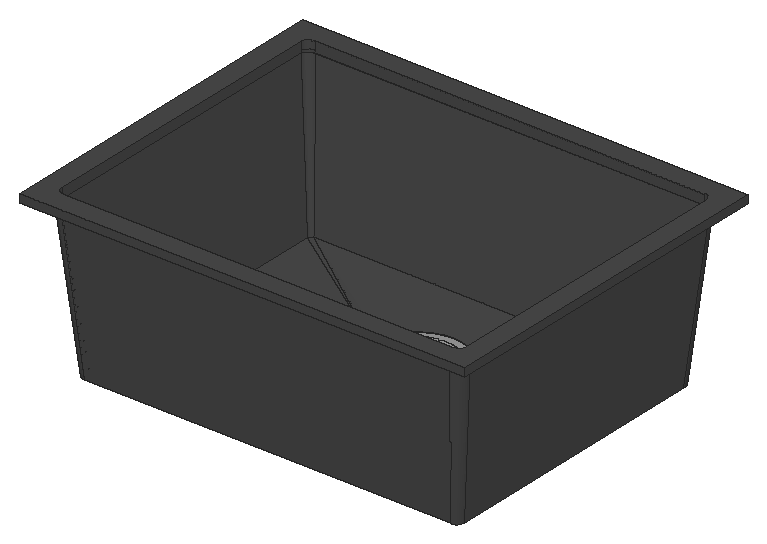
Revit family "BUILDMAT-SGQSSB04-Donald-Granite-Sink-Black", category Plumbing Fixtures, host Face, Revit 2026
Family settings
  Host = Face
  Round Connector Dimension = Use Diameter
  Part Type = Normal
  Enable Cutting in Views = Yes
  Cut with Voids When Loaded = No
  Maintain Annotation Orientation = No
  Shared = No
  Room Calculation Point = No
Parameters
  Width = 445 mm
  Sink_Material = BUILDMAT Matte Black Granite
  Length = 560 mm
  Drain_Material = BUILDMAT Stainless Steel
  Depth = 225 mm
  Default Elevation = 1219.2 mm
Reference planes
  plane 1 "Center (Front/Back)": y = 0
  plane 2: z = 0
  plane 3 "Center (Left/Right)": x = 0
  plane 4: y = 222.5
  plane 5: y = -222.5
  plane 6: y = 197.5
  plane 7: y = -197.5
  plane 8: x = -280
  plane 9: x = 280
  plane 10: x = -255
  plane 11: x = 255
  plane 12: z = 10
  plane 13: z = -200
  plane 14: z = -215
  plane 15: x = -232.5
  plane 16: x = -57
  plane 17: x = 57
  plane 18: x = 45
  plane 19: x = -45
  plane 20: y = 175
  plane 21: y = -175
  plane 22: x = 232.5
  plane 23: x = -232.5
  plane 24: y = -45
  plane 25: y = -57
  plane 26: y = 109
  plane 27: y = -5
  plane 28: y = 52
  plane 29: y = 97
  plane 30: y = 7
Forms (mm)
  Extrusion 1, void
    sketch origin (0, 0, 0) x (1, 0, 0) y (0, 1, 0)
      loop
        line (-265, 207.5) -> (-265, -207.5) -> (265, -207.5) -> (265, 207.5) -> (-265, 207.5)
    from -304.8 to 86.754
  Extrusion 2, solid, material "BUILDMAT Matte Black Granite" <- "Sink_Material"
    sketch origin (0, 0, 0) x (1, 0, 0) y (0, 1, 0)
      loop
        line (-280, 222.5) -> (-280, -222.5) -> (280, -222.5) -> (280, 222.5) -> (-280, 222.5)
      loop
        arc (-245, 197.5) -> (-252.071, 194.571) -> (-255, 187.5) r 10
        line (-255, 187.5) -> (-255, -187.5)
        arc (-255, -187.5) -> (-252.071, -194.571) -> (-245, -197.5) r 10
        line (-245, -197.5) -> (245, -197.5)
        arc (245, -197.5) -> (252.071, -194.571) -> (255, -187.5) r 10
        line (255, -187.5) -> (255, 187.5)
        arc (255, 187.5) -> (252.071, 194.571) -> (245, 197.5) r 10
        line (245, 197.5) -> (-245, 197.5)
    from 0 to 10
  Extrusion 3, solid, material "BUILDMAT Matte Black Granite" <- "Sink_Material"
    sketch origin (0, 0, 0) x (1, 0, 0) y (0, 1, 0)
      loop
        line (-255, 187.5) -> (-255, -187.5)
        arc (-255, -187.5) -> (-252.071, -194.571) -> (-245, -197.5) r 10
        line (-245, -197.5) -> (245, -197.5)
        arc (245, -197.5) -> (252.071, -194.571) -> (255, -187.5) r 10
        line (255, -187.5) -> (255, 187.5)
        arc (255, 187.5) -> (252.071, 194.571) -> (245, 197.5) r 10
        line (245, 197.5) -> (-245, 197.5)
        arc (-245, 197.5) -> (-252.071, 194.571) -> (-255, 187.5) r 10
      loop
        line (-265, 207.5) -> (-265, -207.5) -> (265, -207.5) -> (265, 207.5) -> (-265, 207.5)
    from -3 to 0
  SweptBlend 4, solid, material "BUILDMAT Matte Black Granite" <- "Sink_Material"
    path origin (0, 0, 0) x (1, 0, 0) y (0, 0, 1)
      loop
        line (0, -200) -> (0, -3)
    profile origin (0, 0, -200) x (-1, 0, 0) y (0, -1, 0)
      loop
        arc (230, -182.5) -> (237.071, -179.571) -> (240, -172.5) r 10
        line (240, -172.5) -> (240, 172.5)
        arc (240, 172.5) -> (237.071, 179.571) -> (230, 182.5) r 10
        line (230, 182.5) -> (-230, 182.5)
        arc (-230, 182.5) -> (-237.071, 179.571) -> (-240, 172.5) r 10
        line (-240, 172.5) -> (-240, -172.5)
        arc (-240, -172.5) -> (-237.071, -179.571) -> (-230, -182.5) r 10
        line (-230, -182.5) -> (230, -182.5)
    end profile origin (0, 0, -3) x (-1, 0, 0) y (0, -1, 0)
      loop
        arc (260, 187.5) -> (255.607, 198.107) -> (245, 202.5) r 15
        line (245, 202.5) -> (-245, 202.5)
        arc (-245, 202.5) -> (-255.607, 198.107) -> (-260, 187.5) r 15
        line (-260, 187.5) -> (-260, -187.5)
        arc (-260, -187.5) -> (-255.607, -198.107) -> (-245, -202.5) r 15
        line (-245, -202.5) -> (245, -202.5)
        arc (245, -202.5) -> (255.607, -198.107) -> (260, -187.5) r 15
        line (260, -187.5) -> (260, 187.5)
  SweptBlend 5, solid, material "BUILDMAT Matte Black Granite" <- "Sink_Material"
    path origin (0, 0, 0) x (1, 0, 0) y (0, 0, 1)
      loop
        line (0, -210) -> (0, -200)
    profile origin (0, 0, -210) x (-1, 0, 0) y (0, -1, 0)
      loop
        circle (0, -52) r 70
    end profile origin (0, 0, -200) x (-1, 0, 0) y (0, -1, 0)
      loop
        line (240, -172.5) -> (240, 172.5)
        arc (240, 172.5) -> (237.071, 179.571) -> (230, 182.5) r 10
        line (230, 182.5) -> (-230, 182.5)
        arc (-230, 182.5) -> (-237.071, 179.571) -> (-240, 172.5) r 10
        line (-240, 172.5) -> (-240, -172.5)
        arc (-240, -172.5) -> (-237.071, -179.571) -> (-230, -182.5) r 10
        line (-230, -182.5) -> (230, -182.5)
        arc (230, -182.5) -> (237.071, -179.571) -> (240, -172.5) r 10
  Blend 6, void
    base sketch origin (0, 0, 0) x (1, 0, 0) y (0, 1, 0)
      loop
        arc (-227.5, 175) -> (-231.036, 173.536) -> (-232.5, 170) r 5
        line (-232.5, 170) -> (-232.5, -170)
        arc (-232.5, -170) -> (-231.036, -173.536) -> (-227.5, -175) r 5
        line (-227.5, -175) -> (227.5, -175)
        arc (227.5, -175) -> (231.036, -173.536) -> (232.5, -170) r 5
        line (232.5, -170) -> (232.5, 170)
        arc (232.5, 170) -> (231.036, 173.536) -> (227.5, 175) r 5
        line (227.5, 175) -> (-227.5, 175)
    top sketch origin (0, 0, 0) x (1, 0, 0) y (0, 1, 0)
      loop
        line (-255, 187.5) -> (-255, -187.5)
        arc (-255, -187.5) -> (-252.071, -194.571) -> (-245, -197.5) r 10
        line (-245, -197.5) -> (245, -197.5)
        arc (245, -197.5) -> (252.071, -194.571) -> (255, -187.5) r 10
        line (255, -187.5) -> (255, 187.5)
        arc (255, 187.5) -> (252.071, 194.571) -> (245, 197.5) r 10
        line (245, 197.5) -> (-245, 197.5)
        arc (-245, 197.5) -> (-252.071, 194.571) -> (-255, 187.5) r 10
    from -195 to -3
  Blend 7, void
    base sketch origin (0, 0, 0) x (1, 0, 0) y (0, 1, 0)
      loop
        circle (0, 52) r 57
    top sketch origin (0, 0, 0) x (1, 0, 0) y (0, 1, 0)
      loop
        arc (-227.5, 175) -> (-231.036, 173.536) -> (-232.5, 170) r 5
        line (-232.5, 170) -> (-232.5, -170)
        arc (-232.5, -170) -> (-231.036, -173.536) -> (-227.5, -175) r 5
        line (-227.5, -175) -> (227.5, -175)
        arc (227.5, -175) -> (231.036, -173.536) -> (232.5, -170) r 5
        line (232.5, -170) -> (232.5, 170)
        arc (232.5, 170) -> (231.036, 173.536) -> (227.5, 175) r 5
        line (227.5, 175) -> (-227.5, 175)
    from -200 to -195
  Revolve 8, solid, material "BUILDMAT Matte Black Granite" <- "Sink_Material"
    sketch origin (0, 52, 0) x (1, 0, 0) y (0, 0, 1)
      loop
        line (-70, -210) -> (-63, -215) -> (0, -215) -> (0, -210) -> (-70, -210)
      axis (0, -215) -> (0, -210)
    angle from 0 to 360
  Revolve 9, void
    sketch origin (0, 52, 0) x (1, 0, 0) y (0, 0, 1)
      loop
        line (0, -200) -> (-57, -200) -> (-57, -205) -> (-45, -205) -> (-45, -215) -> (0, -215) -> (0, -200)
      axis (0, -200) -> (0, -215)
    angle from 0 to 360
  Revolve 10, solid, material "BUILDMAT Stainless Steel" <- "Drain_Material"
    sketch origin (-229.098, 52, 1209.2) x (-1, 0, 0) y (0, 0, 1)
      loop
        line (-184.098, -1419.2) -> (-172.098, -1419.2) -> (-172.098, -1409.2) -> (-182.098, -1409.2)
        arc (-182.098, -1409.2) -> (-183.512, -1409.786) -> (-184.098, -1411.2) r 2
        line (-184.098, -1411.2) -> (-184.098, -1419.2)
      axis (-229.098, -1409.2) -> (-229.098, -1419.2)
    angle from 0 to 360
  Revolve 11, solid, material "BUILDMAT Stainless Steel" <- "Drain_Material"
    sketch origin (-229.098, 52, 1209.2) x (-1, 0, 0) y (0, 0, 1)
      loop
        line (-184.098, -1411.2) -> (-186.098, -1411.2)
        spline (-186.098, -1411.2) -> (-186.465, -1411.853) -> (-187.563, -1412.494) -> (-189.371, -1413.113) -> (-191.858, -1413.7) -> (-194.983, -1414.244) -> (-198.692, -1414.736) -> (-202.921, -1415.167) -> (-207.598, -1415.53) -> (-212.642, -1415.819) -> (-217.968, -1416.03) -> (-223.485, -1416.157) -> (-229.098, -1416.2)
        line (-229.098, -1416.2) -> (-229.098, -1419.2) -> (-184.098, -1419.2) -> (-184.098, -1411.2)
      axis (-229.098, -1411.2) -> (-229.098, -1419.2)
    angle from 0 to 360
Cuts and joins
  joined: Extrusion 2, Extrusion 3
  Blend 6, Blend 7, Revolve 9 cuts SweptBlend 4
  Revolve 9 cuts SweptBlend 5
  joined: SweptBlend 4, SweptBlend 5
  Revolve 9 cuts Revolve 8
Text (mm)
  text "Refer to www.buildmat.com.au for the most current product literature. \nAllow a +/- 5mm tolerance for dimensions shown in the product literature. \nPlease note product details are subject to change due to ongoing product development." at (0.056, -1035.857, 0), in view "Ref. Level"
Dimensions and locks
  "Width": plane 4 to plane 5
  plane 4 to plane 6 to plane 7 to plane 5 = 25 mm, 395 mm, 25 mm
  "Length": plane 8 to plane 9
  plane 8 to plane 10 to plane 11 to plane 9 = 25 mm, 510 mm, 25 mm
  "Depth": plane 12 to plane 14
  plane 12 to plane 13 = 210 mm
  plane 12 to host face = 10 mm
  plane 20 to plane 21 = 350 mm
  plane 23 to plane 22 = 465 mm
  plane 16 to plane 17 = 114 mm
  plane 19 to plane 18 = 90 mm
  aligned and locked: plane 2 to host face
  aligned and locked: level to host face
Automatic sketch dimensions
  host sketch curve to host sketch curve = 2438.4 mm  (x2)
  Extrusion 1 sketch curve to plane 10 = 10 mm
  Extrusion 1 sketch curve to plane 11 = 10 mm
  plane 7 to Extrusion 1 sketch curve = 10 mm
  plane 6 to Extrusion 1 sketch curve = 10 mm
  plane 5 to Extrusion 2 sketch curve = 0 mm
  Extrusion 2 sketch curve to plane 8 = 0 mm
  Extrusion 2 sketch curve to plane 10 = 0 mm
  Extrusion 2 sketch curve to plane 6 = 0 mm
  plane 7 to Extrusion 2 sketch curve = 0 mm
  Extrusion 2 sketch curve to plane 11 = 0 mm
  Extrusion 2 sketch curve to plane 4 = 0 mm
  Extrusion 2 sketch curve to plane 9 = 0 mm
  plane 10 to Extrusion 2 sketch curve = 10 mm
  Extrusion 2 sketch curve to Extrusion 2 sketch curve = 10 mm
  Extrusion 2 sketch curve to plane 6 = 10 mm
  Extrusion 2 sketch curve to plane 7 = 10 mm
  Extrusion 3 sketch curve to plane 10 = 0 mm
  Extrusion 3 sketch curve to plane 6 = 0 mm
  plane 7 to Extrusion 3 sketch curve = 0 mm
  Extrusion 3 sketch curve to plane 11 = 0 mm
  Extrusion 3 sketch curve to plane 10 = 10 mm
  plane 10 to Extrusion 3 sketch curve = 10 mm  (x2)
  Extrusion 3 sketch curve to plane 7 = 10 mm
  plane 11 to Extrusion 3 sketch curve = 10 mm
  Extrusion 3 sketch curve to plane 11 = 10 mm
  plane 7 to Extrusion 3 sketch curve = 10 mm
  plane 6 to Extrusion 3 sketch curve = 10 mm
  SweptBlend 4 sketch curve to plane 3 "Center (Left/Right)" = 0 mm
  SweptBlend 4 sketch curve to plane 13 = 0 mm
  SweptBlend 4 sketch curve to level = 3 mm
  profile plane to SweptBlend 4 sketch curve = 260 mm
  SweptBlend 4 sketch curve to SweptBlend 4 sketch curve = 15 mm  (x3)
  SweptBlend 4 sketch curve to profile plane = 245 mm  (x2)
  SweptBlend 4 sketch curve to plane 1 "Center (Front/Back)" = 202.5 mm
  plane 1 "Center (Front/Back)" to SweptBlend 4 sketch curve = 187.5 mm
  profile plane to SweptBlend 4 sketch curve = 240 mm
  SweptBlend 4 sketch curve to SweptBlend 4 sketch curve = 10 mm  (x3)
  SweptBlend 4 sketch curve to profile plane = 230 mm  (x2)
  SweptBlend 4 sketch curve to plane 1 "Center (Front/Back)" = 182.5 mm
  plane 1 "Center (Front/Back)" to SweptBlend 4 sketch curve = 172.5 mm
  SweptBlend 5 sketch curve to plane 3 "Center (Left/Right)" = 0 mm
  SweptBlend 5 sketch curve to plane 13 = 0 mm
  plane 14 to SweptBlend 5 sketch curve = 5 mm
  SweptBlend 5 sketch curve to profile plane = 0 mm
  SweptBlend 5 sketch curve to plane 1 "Center (Front/Back)" = 52 mm
  profile plane to SweptBlend 5 sketch curve = 240 mm
  SweptBlend 5 sketch curve to SweptBlend 5 sketch curve = 10 mm  (x3)
  SweptBlend 5 sketch curve to profile plane = 230 mm  (x2)
  SweptBlend 5 sketch curve to plane 1 "Center (Front/Back)" = 182.5 mm
  plane 1 "Center (Front/Back)" to SweptBlend 5 sketch curve = 172.5 mm
  Blend 6 sketch curve to plane 15 = 0 mm
  Blend 6 sketch curve to plane 21 = 0 mm
  Blend 6 sketch curve to plane 20 = 0 mm
  Blend 6 sketch curve to plane 22 = 0 mm
  plane 15 to Blend 6 sketch curve = 5 mm  (x2)
  plane 22 to Blend 6 sketch curve = 5 mm  (x2)
  Blend 6 sketch curve to plane 10 = 0 mm
  Blend 6 sketch curve to plane 6 = 0 mm
  plane 7 to Blend 6 sketch curve = 0 mm
  Blend 6 sketch curve to plane 11 = 0 mm
  plane 10 to Blend 6 sketch curve = 10 mm
  Blend 6 sketch curve to Blend 6 sketch curve = 10 mm
  plane 11 to Blend 6 sketch curve = 10 mm  (x2)
  Blend 7 sketch curve to plane 3 "Center (Left/Right)" = 0 mm
  Blend 7 sketch curve to plane 28 = 0 mm
  Blend 7 sketch curve to plane 15 = 0 mm
  Blend 7 sketch curve to plane 20 = 0 mm
  Blend 7 sketch curve to plane 21 = 0 mm
  Blend 7 sketch curve to plane 22 = 0 mm
  plane 15 to Blend 7 sketch curve = 5 mm  (x2)
  plane 22 to Blend 7 sketch curve = 5 mm  (x2)
  Revolve 8 sketch curve to plane 14 = 0 mm  (x2)
  Revolve 8 sketch curve to plane 3 "Center (Left/Right)" = 0 mm  (x2)
  plane 16 to Revolve 8 sketch curve = 6 mm
  plane 14 to Revolve 8 sketch curve = 5 mm
  Revolve 8 sketch curve to Revolve 8 sketch curve = 7 mm
  Revolve 8 sketch curve to Revolve 8 sketch curve = 0 mm
  Revolve 9 sketch curve to plane 13 = 0 mm  (x2)
  plane 16 to Revolve 9 sketch curve = 0 mm
  Revolve 9 sketch curve to plane 14 = 0 mm  (x2)
  plane 19 to Revolve 9 sketch curve = 0 mm
  Revolve 9 sketch curve to plane 3 "Center (Left/Right)" = 0 mm  (x2)
  Revolve 9 sketch curve to plane 13 = 5 mm
  Revolve 10 sketch curve to plane 3 "Center (Left/Right)" = 0 mm
  plane 19 to Revolve 10 sketch curve = 0 mm
  Revolve 10 sketch curve to plane 13 = 0 mm
  plane 16 to Revolve 10 sketch curve = 0 mm
  plane 19 to Revolve 10 sketch curve = 2 mm
  plane 14 to Revolve 10 sketch curve = 5 mm
  Revolve 10 sketch curve to plane 14 = 21.089 mm
  plane 13 to Revolve 10 sketch curve = 33.911 mm
  Revolve 11 sketch curve to plane 3 "Center (Left/Right)" = 0 mm  (x2)
  plane 19 to Revolve 11 sketch curve = 0 mm
  Revolve 11 sketch curve to Revolve 11 sketch curve = 2 mm
  plane 14 to Revolve 11 sketch curve = 5 mm
  Revolve 11 sketch curve to Revolve 11 sketch curve = 3 mm
  Revolve 11 sketch curve to plane 13 = 2 mm
  Revolve 11 sketch curve to plane 14 = 22.809 mm
  plane 13 to Revolve 11 sketch curve = 29.46 mm
  radius of SweptBlend 5 sketch curve = 70 mm
  radius of Blend 7 sketch curve = 57 mm
